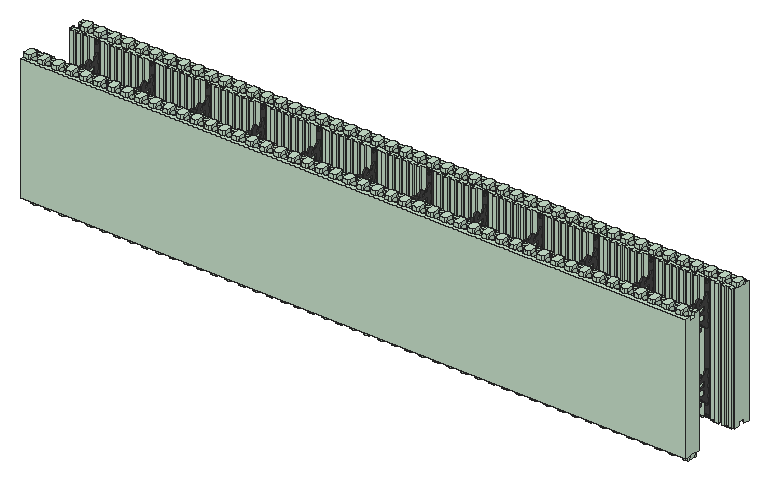
Revit family (continued)
Automatic sketch dimensions
  Extrusion 175 sketch curve to Extrusion 175 sketch curve = 0' - 0.17308"  (x2)
  Extrusion 175 sketch curve to Extrusion 175 sketch curve = 0' - 0"  (x5)
  Extrusion 175 sketch curve to Extrusion 175 sketch curve = 0' - 0 1/4"  (x5)
  Extrusion 175 sketch curve to Extrusion 175 sketch curve = 0' - 0.17323"
  Extrusion 175 sketch curve to Extrusion 175 sketch curve = 0' - 0.01019"
  Extrusion 175 sketch curve to Extrusion 175 sketch curve = 0' - 0.07677"
  Extrusion 175 sketch curve to Extrusion 175 sketch curve = 0' - 0.07692"
  Extrusion 175 sketch curve to Extrusion 175 sketch curve = 0' - 0.17083"
  Extrusion 175 sketch curve to Extrusion 175 sketch curve = 0' - 0.01665"
  Extrusion 175 sketch curve to Extrusion 175 sketch curve = 0' - 0.14808"
  Extrusion 175 sketch curve to Extrusion 175 sketch curve = 0' - 0.33686"
  Extrusion 175 sketch curve to Extrusion 175 sketch curve = 0' - 0.2216"
  Extrusion 176 sketch curve to plane 7 = 0' - 0.72692"
  Extrusion 176 sketch curve to plane 3 "Center (Left/Right)" = 2' - 11"
  Extrusion 176 sketch curve to Extrusion 176 sketch curve = 0' - 0.17308"  (x2)
  Extrusion 176 sketch curve to Extrusion 176 sketch curve = 0' - 0"  (x5)
  Extrusion 176 sketch curve to Extrusion 176 sketch curve = 0' - 0 1/4"  (x5)
  Extrusion 176 sketch curve to Extrusion 176 sketch curve = 0' - 0.17323"
  Extrusion 176 sketch curve to Extrusion 176 sketch curve = 0' - 0.01019"
  Extrusion 176 sketch curve to Extrusion 176 sketch curve = 0' - 0.07677"
  Extrusion 176 sketch curve to Extrusion 176 sketch curve = 0' - 0.07692"
  Extrusion 176 sketch curve to Extrusion 176 sketch curve = 0' - 0.17083"
  Extrusion 176 sketch curve to Extrusion 176 sketch curve = 0' - 0.01665"
  Extrusion 176 sketch curve to Extrusion 176 sketch curve = 0' - 0.14808"
  Extrusion 176 sketch curve to Extrusion 176 sketch curve = 0' - 0.33686"
  Extrusion 176 sketch curve to Extrusion 176 sketch curve = 0' - 0.2216"
  Extrusion 177 sketch curve to plane 7 = 0' - 0.72692"
  Extrusion 177 sketch curve to plane 3 "Center (Left/Right)" = 2' - 9"
  Extrusion 177 sketch curve to Extrusion 177 sketch curve = 0' - 0.17308"  (x2)
  Extrusion 177 sketch curve to Extrusion 177 sketch curve = 0' - 0"  (x5)
  Extrusion 177 sketch curve to Extrusion 177 sketch curve = 0' - 0.07692"  (x2)
  Extrusion 177 sketch curve to Extrusion 177 sketch curve = 0' - 0 1/4"  (x4)
  Extrusion 177 sketch curve to Extrusion 177 sketch curve = 0' - 0.17323"
  Extrusion 177 sketch curve to Extrusion 177 sketch curve = 0' - 0.01019"
  Extrusion 177 sketch curve to Extrusion 177 sketch curve = 0' - 0.07677"
  Extrusion 177 sketch curve to Extrusion 177 sketch curve = 0' - 0.17083"
  Extrusion 177 sketch curve to Extrusion 177 sketch curve = 0' - 0.01665"
  Extrusion 177 sketch curve to Extrusion 177 sketch curve = 0' - 0.14808"
  Extrusion 177 sketch curve to Extrusion 177 sketch curve = 0' - 0.33686"
  Extrusion 177 sketch curve to Extrusion 177 sketch curve = 0' - 0.2216"
  Extrusion 178 sketch curve to plane 7 = 0' - 0.72692"
  Extrusion 178 sketch curve to plane 3 "Center (Left/Right)" = 2' - 7"
  Extrusion 178 sketch curve to Extrusion 178 sketch curve = 0' - 0.17308"  (x2)
  Extrusion 178 sketch curve to Extrusion 178 sketch curve = 0' - 0"  (x5)
  Extrusion 178 sketch curve to Extrusion 178 sketch curve = 0' - 0 1/4"  (x4)
  Extrusion 178 sketch curve to Extrusion 178 sketch curve = 0' - 0.07692"  (x2)
  Extrusion 178 sketch curve to Extrusion 178 sketch curve = 0' - 0.17323"
  Extrusion 178 sketch curve to Extrusion 178 sketch curve = 0' - 0.01019"
  Extrusion 178 sketch curve to Extrusion 178 sketch curve = 0' - 0.07677"
  Extrusion 178 sketch curve to Extrusion 178 sketch curve = 0' - 0.17083"
  Extrusion 178 sketch curve to Extrusion 178 sketch curve = 0' - 0.01665"
  Extrusion 178 sketch curve to Extrusion 178 sketch curve = 0' - 0.14808"
  Extrusion 178 sketch curve to Extrusion 178 sketch curve = 0' - 0.33686"
  Extrusion 178 sketch curve to Extrusion 178 sketch curve = 0' - 0.2216"
  Extrusion 179 sketch curve to plane 7 = 0' - 0.72692"
  Extrusion 179 sketch curve to plane 3 "Center (Left/Right)" = 2' - 5"
  Extrusion 179 sketch curve to Extrusion 179 sketch curve = 0' - 0.17308"  (x2)
  Extrusion 179 sketch curve to Extrusion 179 sketch curve = 0' - 0"  (x5)
  Extrusion 179 sketch curve to Extrusion 179 sketch curve = 0' - 0 1/4"  (x4)
  Extrusion 179 sketch curve to Extrusion 179 sketch curve = 0' - 0.07692"  (x2)
  Extrusion 179 sketch curve to Extrusion 179 sketch curve = 0' - 0.17323"
  Extrusion 179 sketch curve to Extrusion 179 sketch curve = 0' - 0.01019"
  Extrusion 179 sketch curve to Extrusion 179 sketch curve = 0' - 0.07677"
  Extrusion 179 sketch curve to Extrusion 179 sketch curve = 0' - 0.17083"
  Extrusion 179 sketch curve to Extrusion 179 sketch curve = 0' - 0.01665"
  Extrusion 179 sketch curve to Extrusion 179 sketch curve = 0' - 0.14808"
  Extrusion 179 sketch curve to Extrusion 179 sketch curve = 0' - 0.33686"
  Extrusion 179 sketch curve to Extrusion 179 sketch curve = 0' - 0.2216"
  Extrusion 180 sketch curve to plane 7 = 0' - 0.72692"
  Extrusion 180 sketch curve to plane 3 "Center (Left/Right)" = 2' - 3"
  Extrusion 180 sketch curve to Extrusion 180 sketch curve = 0' - 0.17308"  (x2)
  Extrusion 180 sketch curve to Extrusion 180 sketch curve = 0' - 0"  (x5)
  Extrusion 180 sketch curve to Extrusion 180 sketch curve = 0' - 0 1/4"  (x5)
  Extrusion 180 sketch curve to Extrusion 180 sketch curve = 0' - 0.17323"
  Extrusion 180 sketch curve to Extrusion 180 sketch curve = 0' - 0.01019"
  Extrusion 180 sketch curve to Extrusion 180 sketch curve = 0' - 0.07677"
  Extrusion 180 sketch curve to Extrusion 180 sketch curve = 0' - 0.07692"
  Extrusion 180 sketch curve to Extrusion 180 sketch curve = 0' - 0.17083"
  Extrusion 180 sketch curve to Extrusion 180 sketch curve = 0' - 0.01665"
  Extrusion 180 sketch curve to Extrusion 180 sketch curve = 0' - 0.14808"
  Extrusion 180 sketch curve to Extrusion 180 sketch curve = 0' - 0.33686"
  Extrusion 180 sketch curve to Extrusion 180 sketch curve = 0' - 0.2216"
  Extrusion 181 sketch curve to plane 7 = 0' - 0.72692"
  Extrusion 181 sketch curve to plane 3 "Center (Left/Right)" = 2' - 1"
  Extrusion 181 sketch curve to Extrusion 181 sketch curve = 0' - 0.17308"  (x2)
  Extrusion 181 sketch curve to Extrusion 181 sketch curve = 0' - 0"  (x5)
  Extrusion 181 sketch curve to Extrusion 181 sketch curve = 0' - 0 1/4"  (x4)
  Extrusion 181 sketch curve to Extrusion 181 sketch curve = 0' - 0.07692"  (x2)
  Extrusion 181 sketch curve to Extrusion 181 sketch curve = 0' - 0.17323"
  Extrusion 181 sketch curve to Extrusion 181 sketch curve = 0' - 0.01019"
  Extrusion 181 sketch curve to Extrusion 181 sketch curve = 0' - 0.07677"
  Extrusion 181 sketch curve to Extrusion 181 sketch curve = 0' - 0.17083"
  Extrusion 181 sketch curve to Extrusion 181 sketch curve = 0' - 0.01665"
  Extrusion 181 sketch curve to Extrusion 181 sketch curve = 0' - 0.14808"
  Extrusion 181 sketch curve to Extrusion 181 sketch curve = 0' - 0.33686"
  Extrusion 181 sketch curve to Extrusion 181 sketch curve = 0' - 0.2216"
  Extrusion 182 sketch curve to plane 7 = 0' - 0.72692"
  Extrusion 182 sketch curve to plane 3 "Center (Left/Right)" = 1' - 11"
  Extrusion 182 sketch curve to Extrusion 182 sketch curve = 0' - 0.17308"  (x2)
  Extrusion 182 sketch curve to Extrusion 182 sketch curve = 0' - 0"  (x5)
  Extrusion 182 sketch curve to Extrusion 182 sketch curve = 0' - 0 1/4"  (x5)
  Extrusion 182 sketch curve to Extrusion 182 sketch curve = 0' - 0.17323"
  Extrusion 182 sketch curve to Extrusion 182 sketch curve = 0' - 0.01019"
  Extrusion 182 sketch curve to Extrusion 182 sketch curve = 0' - 0.07677"
  Extrusion 182 sketch curve to Extrusion 182 sketch curve = 0' - 0.07692"
  Extrusion 182 sketch curve to Extrusion 182 sketch curve = 0' - 0.17083"
  Extrusion 182 sketch curve to Extrusion 182 sketch curve = 0' - 0.01665"
  Extrusion 182 sketch curve to Extrusion 182 sketch curve = 0' - 0.14808"
  Extrusion 182 sketch curve to Extrusion 182 sketch curve = 0' - 0.33686"
  Extrusion 182 sketch curve to Extrusion 182 sketch curve = 0' - 0.2216"
  Extrusion 183 sketch curve to plane 7 = 0' - 0.72692"
  Extrusion 183 sketch curve to plane 3 "Center (Left/Right)" = 1' - 9"
  Extrusion 183 sketch curve to Extrusion 183 sketch curve = 0' - 0.17308"  (x2)
  Extrusion 183 sketch curve to Extrusion 183 sketch curve = 0' - 0"  (x5)
  Extrusion 183 sketch curve to Extrusion 183 sketch curve = 0' - 0 1/4"  (x5)
  Extrusion 183 sketch curve to Extrusion 183 sketch curve = 0' - 0.17323"
  Extrusion 183 sketch curve to Extrusion 183 sketch curve = 0' - 0.01019"
  Extrusion 183 sketch curve to Extrusion 183 sketch curve = 0' - 0.07677"
  Extrusion 183 sketch curve to Extrusion 183 sketch curve = 0' - 0.07692"
  Extrusion 183 sketch curve to Extrusion 183 sketch curve = 0' - 0.17083"
  Extrusion 183 sketch curve to Extrusion 183 sketch curve = 0' - 0.01665"
  Extrusion 183 sketch curve to Extrusion 183 sketch curve = 0' - 0.14808"
  Extrusion 183 sketch curve to Extrusion 183 sketch curve = 0' - 0.33686"
  Extrusion 183 sketch curve to Extrusion 183 sketch curve = 0' - 0.2216"
  Extrusion 184 sketch curve to plane 7 = 0' - 0.72692"
  Extrusion 184 sketch curve to plane 3 "Center (Left/Right)" = 1' - 7"
  Extrusion 184 sketch curve to Extrusion 184 sketch curve = 0' - 0.17308"  (x2)
  Extrusion 184 sketch curve to Extrusion 184 sketch curve = 0' - 0"  (x5)
  Extrusion 184 sketch curve to Extrusion 184 sketch curve = 0' - 0 1/4"  (x4)
  Extrusion 184 sketch curve to Extrusion 184 sketch curve = 0' - 0.07692"  (x2)
  Extrusion 184 sketch curve to Extrusion 184 sketch curve = 0' - 0.17323"
  Extrusion 184 sketch curve to Extrusion 184 sketch curve = 0' - 0.01019"
  Extrusion 184 sketch curve to Extrusion 184 sketch curve = 0' - 0.07677"
  Extrusion 184 sketch curve to Extrusion 184 sketch curve = 0' - 0.17083"
  Extrusion 184 sketch curve to Extrusion 184 sketch curve = 0' - 0.01665"
  Extrusion 184 sketch curve to Extrusion 184 sketch curve = 0' - 0.14808"
  Extrusion 184 sketch curve to Extrusion 184 sketch curve = 0' - 0.33686"
  Extrusion 184 sketch curve to Extrusion 184 sketch curve = 0' - 0.2216"
  Extrusion 185 sketch curve to plane 7 = 0' - 0.72692"
  Extrusion 185 sketch curve to plane 3 "Center (Left/Right)" = 1' - 5"
  Extrusion 185 sketch curve to Extrusion 185 sketch curve = 0' - 0.17308"  (x2)
  Extrusion 185 sketch curve to Extrusion 185 sketch curve = 0' - 0"  (x5)
  Extrusion 185 sketch curve to Extrusion 185 sketch curve = 0' - 0 1/4"  (x4)
  Extrusion 185 sketch curve to Extrusion 185 sketch curve = 0' - 0.07692"  (x2)
  Extrusion 185 sketch curve to Extrusion 185 sketch curve = 0' - 0.17323"
  Extrusion 185 sketch curve to Extrusion 185 sketch curve = 0' - 0.01019"
  Extrusion 185 sketch curve to Extrusion 185 sketch curve = 0' - 0.07677"
  Extrusion 185 sketch curve to Extrusion 185 sketch curve = 0' - 0.17083"
  Extrusion 185 sketch curve to Extrusion 185 sketch curve = 0' - 0.01665"
  Extrusion 185 sketch curve to Extrusion 185 sketch curve = 0' - 0.14808"
  Extrusion 185 sketch curve to Extrusion 185 sketch curve = 0' - 0.33686"
  Extrusion 185 sketch curve to Extrusion 185 sketch curve = 0' - 0.2216"
  Extrusion 186 sketch curve to plane 7 = 0' - 0.72692"
  Extrusion 186 sketch curve to plane 3 "Center (Left/Right)" = 1' - 3"
  Extrusion 186 sketch curve to Extrusion 186 sketch curve = 0' - 0.17308"  (x2)
  Extrusion 186 sketch curve to Extrusion 186 sketch curve = 0' - 0"  (x5)
  Extrusion 186 sketch curve to Extrusion 186 sketch curve = 0' - 0 1/4"  (x5)
  Extrusion 186 sketch curve to Extrusion 186 sketch curve = 0' - 0.17323"
  Extrusion 186 sketch curve to Extrusion 186 sketch curve = 0' - 0.01019"
  Extrusion 186 sketch curve to Extrusion 186 sketch curve = 0' - 0.07677"
  Extrusion 186 sketch curve to Extrusion 186 sketch curve = 0' - 0.07692"
  Extrusion 186 sketch curve to Extrusion 186 sketch curve = 0' - 0.17083"
  Extrusion 186 sketch curve to Extrusion 186 sketch curve = 0' - 0.01665"
  Extrusion 186 sketch curve to Extrusion 186 sketch curve = 0' - 0.14808"
  Extrusion 186 sketch curve to Extrusion 186 sketch curve = 0' - 0.33686"
  Extrusion 186 sketch curve to Extrusion 186 sketch curve = 0' - 0.2216"
  Extrusion 187 sketch curve to plane 7 = 0' - 0.72692"
  Extrusion 187 sketch curve to plane 3 "Center (Left/Right)" = 1' - 1"
  Extrusion 187 sketch curve to Extrusion 187 sketch curve = 0' - 0.17308"  (x2)
  Extrusion 187 sketch curve to Extrusion 187 sketch curve = 0' - 0"  (x5)
  Extrusion 187 sketch curve to Extrusion 187 sketch curve = 0' - 0 1/4"  (x5)
  Extrusion 187 sketch curve to Extrusion 187 sketch curve = 0' - 0.17323"
  Extrusion 187 sketch curve to Extrusion 187 sketch curve = 0' - 0.01019"
  Extrusion 187 sketch curve to Extrusion 187 sketch curve = 0' - 0.07677"
  Extrusion 187 sketch curve to Extrusion 187 sketch curve = 0' - 0.07692"
  Extrusion 187 sketch curve to Extrusion 187 sketch curve = 0' - 0.17083"
  Extrusion 187 sketch curve to Extrusion 187 sketch curve = 0' - 0.01665"
  Extrusion 187 sketch curve to Extrusion 187 sketch curve = 0' - 0.14808"
  Extrusion 187 sketch curve to Extrusion 187 sketch curve = 0' - 0.33686"
  Extrusion 187 sketch curve to Extrusion 187 sketch curve = 0' - 0.2216"
  Extrusion 188 sketch curve to plane 7 = 0' - 0.72692"
  Extrusion 188 sketch curve to plane 3 "Center (Left/Right)" = 0' - 11"
  Extrusion 188 sketch curve to Extrusion 188 sketch curve = 0' - 0.17308"  (x2)
  Extrusion 188 sketch curve to Extrusion 188 sketch curve = 0' - 0"  (x5)
  Extrusion 188 sketch curve to Extrusion 188 sketch curve = 0' - 0 1/4"  (x5)
  Extrusion 188 sketch curve to Extrusion 188 sketch curve = 0' - 0.17323"
  Extrusion 188 sketch curve to Extrusion 188 sketch curve = 0' - 0.01019"
  Extrusion 188 sketch curve to Extrusion 188 sketch curve = 0' - 0.07677"
  Extrusion 188 sketch curve to Extrusion 188 sketch curve = 0' - 0.07692"
  Extrusion 188 sketch curve to Extrusion 188 sketch curve = 0' - 0.17083"
  Extrusion 188 sketch curve to Extrusion 188 sketch curve = 0' - 0.01665"
  Extrusion 188 sketch curve to Extrusion 188 sketch curve = 0' - 0.14808"
  Extrusion 188 sketch curve to Extrusion 188 sketch curve = 0' - 0.33686"
  Extrusion 188 sketch curve to Extrusion 188 sketch curve = 0' - 0.2216"
  Extrusion 189 sketch curve to plane 7 = 0' - 0.72692"
  Extrusion 189 sketch curve to plane 3 "Center (Left/Right)" = 0' - 9"
  Extrusion 189 sketch curve to Extrusion 189 sketch curve = 0' - 0.17308"  (x2)
  Extrusion 189 sketch curve to Extrusion 189 sketch curve = 0' - 0"  (x5)
  Extrusion 189 sketch curve to Extrusion 189 sketch curve = 0' - 0 1/4"  (x5)
  Extrusion 189 sketch curve to Extrusion 189 sketch curve = 0' - 0.17323"
  Extrusion 189 sketch curve to Extrusion 189 sketch curve = 0' - 0.01019"
  Extrusion 189 sketch curve to Extrusion 189 sketch curve = 0' - 0.07677"
  Extrusion 189 sketch curve to Extrusion 189 sketch curve = 0' - 0.07692"
  Extrusion 189 sketch curve to Extrusion 189 sketch curve = 0' - 0.17083"
  Extrusion 189 sketch curve to Extrusion 189 sketch curve = 0' - 0.01665"
  Extrusion 189 sketch curve to Extrusion 189 sketch curve = 0' - 0.14808"
  Extrusion 189 sketch curve to Extrusion 189 sketch curve = 0' - 0.33686"
  Extrusion 189 sketch curve to Extrusion 189 sketch curve = 0' - 0.2216"
  Extrusion 190 sketch curve to plane 7 = 0' - 0.72692"
  Extrusion 190 sketch curve to plane 3 "Center (Left/Right)" = 0' - 7"
  Extrusion 190 sketch curve to Extrusion 190 sketch curve = 0' - 0.17308"  (x2)
  Extrusion 190 sketch curve to Extrusion 190 sketch curve = 0' - 0"  (x5)
  Extrusion 190 sketch curve to Extrusion 190 sketch curve = 0' - 0 1/4"  (x5)
  Extrusion 190 sketch curve to Extrusion 190 sketch curve = 0' - 0.17323"
  Extrusion 190 sketch curve to Extrusion 190 sketch curve = 0' - 0.01019"
  Extrusion 190 sketch curve to Extrusion 190 sketch curve = 0' - 0.07677"
  Extrusion 190 sketch curve to Extrusion 190 sketch curve = 0' - 0.07692"
  Extrusion 190 sketch curve to Extrusion 190 sketch curve = 0' - 0.17083"
  Extrusion 190 sketch curve to Extrusion 190 sketch curve = 0' - 0.01665"
  Extrusion 190 sketch curve to Extrusion 190 sketch curve = 0' - 0.14808"
  Extrusion 190 sketch curve to Extrusion 190 sketch curve = 0' - 0.33686"
  Extrusion 190 sketch curve to Extrusion 190 sketch curve = 0' - 0.2216"
  Extrusion 191 sketch curve to plane 7 = 0' - 0.72692"
  Extrusion 191 sketch curve to plane 3 "Center (Left/Right)" = 0' - 5"
  Extrusion 191 sketch curve to Extrusion 191 sketch curve = 0' - 0.17308"  (x2)
  Extrusion 191 sketch curve to Extrusion 191 sketch curve = 0' - 0"  (x5)
  Extrusion 191 sketch curve to Extrusion 191 sketch curve = 0' - 0 1/4"  (x5)
  Extrusion 191 sketch curve to Extrusion 191 sketch curve = 0' - 0.17323"
  Extrusion 191 sketch curve to Extrusion 191 sketch curve = 0' - 0.01019"
  Extrusion 191 sketch curve to Extrusion 191 sketch curve = 0' - 0.07677"
  Extrusion 191 sketch curve to Extrusion 191 sketch curve = 0' - 0.07692"
  Extrusion 191 sketch curve to Extrusion 191 sketch curve = 0' - 0.17083"
  Extrusion 191 sketch curve to Extrusion 191 sketch curve = 0' - 0.01665"
  Extrusion 191 sketch curve to Extrusion 191 sketch curve = 0' - 0.14808"
  Extrusion 191 sketch curve to Extrusion 191 sketch curve = 0' - 0.33686"
  Extrusion 191 sketch curve to Extrusion 191 sketch curve = 0' - 0.2216"
  Extrusion 192 sketch curve to plane 7 = 0' - 0.72692"
  Extrusion 192 sketch curve to plane 3 "Center (Left/Right)" = 0' - 3"
  Extrusion 192 sketch curve to Extrusion 192 sketch curve = 0' - 0.17308"  (x2)
  Extrusion 192 sketch curve to Extrusion 192 sketch curve = 0' - 0"  (x5)
  Extrusion 192 sketch curve to Extrusion 192 sketch curve = 0' - 0.07692"  (x2)
  Extrusion 192 sketch curve to Extrusion 192 sketch curve = 0' - 0 1/4"  (x4)
  Extrusion 192 sketch curve to Extrusion 192 sketch curve = 0' - 0.17323"
  Extrusion 192 sketch curve to Extrusion 192 sketch curve = 0' - 0.01019"
  Extrusion 192 sketch curve to Extrusion 192 sketch curve = 0' - 0.07677"
  Extrusion 192 sketch curve to Extrusion 192 sketch curve = 0' - 0.17083"
  Extrusion 192 sketch curve to Extrusion 192 sketch curve = 0' - 0.01665"
  Extrusion 192 sketch curve to Extrusion 192 sketch curve = 0' - 0.14808"
  Extrusion 192 sketch curve to Extrusion 192 sketch curve = 0' - 0.33686"
  Extrusion 192 sketch curve to Extrusion 192 sketch curve = 0' - 0.2216"
  Extrusion 193 sketch curve to plane 3 "Center (Left/Right)" = 0' - 1"
  Extrusion 193 sketch curve to Extrusion 193 sketch curve = 0' - 0.17308"  (x2)
  Extrusion 193 sketch curve to Extrusion 193 sketch curve = 0' - 0"  (x5)
  Extrusion 193 sketch curve to Extrusion 193 sketch curve = 0' - 0 1/4"  (x4)
  Extrusion 193 sketch curve to Extrusion 193 sketch curve = 0' - 0.07692"  (x2)
  Extrusion 193 sketch curve to Extrusion 193 sketch curve = 0' - 0.17323"
  Extrusion 193 sketch curve to Extrusion 193 sketch curve = 0' - 0.01019"
  Extrusion 193 sketch curve to Extrusion 193 sketch curve = 0' - 0.07677"
  Extrusion 193 sketch curve to Extrusion 193 sketch curve = 0' - 0.17083"
  Extrusion 193 sketch curve to Extrusion 193 sketch curve = 0' - 0.01665"
  Extrusion 193 sketch curve to plane 7 = 0' - 0.48905"
  Extrusion 193 sketch curve to Extrusion 193 sketch curve = 0' - 0.14808"
  Extrusion 193 sketch curve to Extrusion 193 sketch curve = 0' - 0.33686"
  Extrusion 193 sketch curve to Extrusion 193 sketch curve = 0' - 0.2216"
  curve 1 to level = 0' - 0"
  curve 1 to plane 9 = 0' - 0"
  plane 3 "Center (Left/Right)" to curve 1 = 0' - 8"
  curve 5 to plane 9 = 0' - 0"
  curve 5 to level = 0' - 0"
  curve 4 to plane 9 = 0' - 0"
  curve 4 to level = 0' - 0"
  curve 3 to level = 0' - 0"
  curve 3 to plane 9 = 0' - 0"
  curve 2 to level = 0' - 0"
  curve 2 to plane 9 = 0' - 0"
  plane 3 "Center (Left/Right)" to curve 5 = 1' - 4"
  curve 5 to curve 4 = 2' - 0"
  curve 4 to curve 3 = 2' - 0"
  curve 2 to plane 4 = 0' - 8"
Nested families (in)
  nested 1: "NUDURA Diamond Pattern" at (0, 0, 0), type "NUDURA Diamond Pattern"
  nested 2: "NUDURA Diamond Pattern" at (16, 0, 0), type "NUDURA Diamond Pattern"
  nested 3: "NUDURA Diamond Pattern" at (24, 0, 0), type "NUDURA Diamond Pattern"
  nested 4: "NUDURA Diamond Pattern" at (40, 0, 0), type "NUDURA Diamond Pattern"
  nested 5: "NUDURA Diamond Pattern" at (48, 0, 0), type "NUDURA Diamond Pattern"
  nested 6: "NUDURA Diamond Pattern" at (64, 0, 0), type "NUDURA Diamond Pattern"
  nested 7: "NUDURA Diamond Pattern" at (72, 0, 0), type "NUDURA Diamond Pattern"
  nested 8: "NUDURA Diamond Pattern" at (88, 0, 0), type "NUDURA Diamond Pattern"
  nested 9: "NUDURA Diamond Pattern" at (0, 0, 0), type "NUDURA Diamond Pattern"
  nested 10: "NUDURA Diamond Pattern" at (16, 0, 0), type "NUDURA Diamond Pattern"
  nested 11: "NUDURA Diamond Pattern" at (24, 0, 0), type "NUDURA Diamond Pattern"
  nested 12: "NUDURA Diamond Pattern" at (40, 0, 0), type "NUDURA Diamond Pattern"
  nested 13: "NUDURA Diamond Pattern" at (48, 0, 0), type "NUDURA Diamond Pattern"
  nested 14: "NUDURA Diamond Pattern" at (64, 0, 0), type "NUDURA Diamond Pattern"
  nested 15: "NUDURA Diamond Pattern" at (72, 0, 0), type "NUDURA Diamond Pattern"
  nested 16: "NUDURA Diamond Pattern" at (88, 0, 0), type "NUDURA Diamond Pattern"
  nested 17: "Interlock Tooth" at (0, 0, 0), type "Interlock Tooth"
  nested 18: "Interlock Tooth" at (2, 0, 0), type "Interlock Tooth"
  nested 19: "Interlock Tooth" at (4, 0, 0), type "Interlock Tooth"
  nested 20: "Interlock Tooth" at (6, 0, 0), type "Interlock Tooth"
  nested 21: "Interlock Tooth" at (8, 0, 0), type "Interlock Tooth"
  nested 22: "Interlock Tooth" at (10, 0, 0), type "Interlock Tooth"
  nested 23: "Interlock Tooth" at (12, 0, 0), type "Interlock Tooth"
  nested 24: "Interlock Tooth" at (14, 0, 0), type "Interlock Tooth"
  nested 25: "Interlock Tooth" at (16, 0, 0), type "Interlock Tooth"
  nested 26: "Interlock Tooth" at (18, 0, 0), type "Interlock Tooth"
  nested 27: "Interlock Tooth" at (20, 0, 0), type "Interlock Tooth"
  nested 28: "Interlock Tooth" at (22, 0, 0), type "Interlock Tooth"
  nested 29: "Interlock Tooth" at (24, 0, 0), type "Interlock Tooth"
  nested 30: "Interlock Tooth" at (26, 0, 0), type "Interlock Tooth"
  nested 31: "Interlock Tooth" at (28, 0, 0), type "Interlock Tooth"
  nested 32: "Interlock Tooth" at (30, 0, 0), type "Interlock Tooth"
  nested 33: "Interlock Tooth" at (32, 0, 0), type "Interlock Tooth"
  nested 34: "Interlock Tooth" at (34, 0, 0), type "Interlock Tooth"
  nested 35: "Interlock Tooth" at (36, 0, 0), type "Interlock Tooth"
  nested 36: "Interlock Tooth" at (38, 0, 0), type "Interlock Tooth"
  nested 37: "Interlock Tooth" at (40, 0, 0), type "Interlock Tooth"
  nested 38: "Interlock Tooth" at (42, 0, 0), type "Interlock Tooth"
  nested 39: "Interlock Tooth" at (44, 0, 0), type "Interlock Tooth"
  nested 40: "Interlock Tooth" at (46, 0, 0), type "Interlock Tooth"
  nested 41: "Interlock Tooth" at (48, 0, 0), type "Interlock Tooth"
  nested 42: "Interlock Tooth" at (50, 0, 0), type "Interlock Tooth"
  nested 43: "Interlock Tooth" at (52, 0, 0), type "Interlock Tooth"
  nested 44: "Interlock Tooth" at (54, 0, 0), type "Interlock Tooth"
  nested 45: "Interlock Tooth" at (56, 0, 0), type "Interlock Tooth"
  nested 46: "Interlock Tooth" at (58, 0, 0), type "Interlock Tooth"
  nested 47: "Interlock Tooth" at (60, 0, 0), type "Interlock Tooth"
  nested 48: "Interlock Tooth" at (62, 0, 0), type "Interlock Tooth"
  nested 49: "Interlock Tooth" at (64, 0, 0), type "Interlock Tooth"
  nested 50: "Interlock Tooth" at (66, 0, 0), type "Interlock Tooth"
  nested 51: "Interlock Tooth" at (68, 0, 0), type "Interlock Tooth"
  nested 52: "Interlock Tooth" at (70, 0, 0), type "Interlock Tooth"
  nested 53: "Interlock Tooth" at (72, 0, 0), type "Interlock Tooth"
  nested 54: "Interlock Tooth" at (74, 0, 0), type "Interlock Tooth"
  nested 55: "Interlock Tooth" at (76, 0, 0), type "Interlock Tooth"
  nested 56: "Interlock Tooth" at (78, 0, 0), type "Interlock Tooth"
  nested 57: "Interlock Tooth" at (80, 0, 0), type "Interlock Tooth"
  nested 58: "Interlock Tooth" at (82, 0, 0), type "Interlock Tooth"
  nested 59: "Interlock Tooth" at (84, 0, 0), type "Interlock Tooth"
  nested 60: "Interlock Tooth" at (86, 0, 0), type "Interlock Tooth"
  nested 61: "Interlock Tooth" at (88, 0, 0), type "Interlock Tooth"
  nested 62: "Interlock Tooth" at (90, 0, 0), type "Interlock Tooth"
  nested 63: "Interlock Tooth" at (92, 0, 0), type "Interlock Tooth"
  nested 64: "Interlock Tooth" at (94, 0, 0), type "Interlock Tooth"
  nested 65: "Interlock Tooth" at (1, 8.875, 0), type "Interlock Tooth"
  nested 66: "Interlock Tooth" at (3, 8.875, 0), type "Interlock Tooth"
  nested 67: "Interlock Tooth" at (5, 8.875, 0), type "Interlock Tooth"
  nested 68: "Interlock Tooth" at (7, 8.875, 0), type "Interlock Tooth"
  nested 69: "Interlock Tooth" at (9, 8.875, 0), type "Interlock Tooth"
  nested 70: "Interlock Tooth" at (11, 8.875, 0), type "Interlock Tooth"
  nested 71: "Interlock Tooth" at (13, 8.875, 0), type "Interlock Tooth"
  nested 72: "Interlock Tooth" at (15, 8.875, 0), type "Interlock Tooth"
  nested 73: "Interlock Tooth" at (17, 8.875, 0), type "Interlock Tooth"
  nested 74: "Interlock Tooth" at (19, 8.875, 0), type "Interlock Tooth"
  nested 75: "Interlock Tooth" at (21, 8.875, 0), type "Interlock Tooth"
  nested 76: "Interlock Tooth" at (23, 8.875, 0), type "Interlock Tooth"
  nested 77: "Interlock Tooth" at (25, 8.875, 0), type "Interlock Tooth"
  nested 78: "Interlock Tooth" at (27, 8.875, 0), type "Interlock Tooth"
  nested 79: "Interlock Tooth" at (29, 8.875, 0), type "Interlock Tooth"
  nested 80: "Interlock Tooth" at (31, 8.875, 0), type "Interlock Tooth"
  nested 81: "Interlock Tooth" at (33, 8.875, 0), type "Interlock Tooth"
  nested 82: "Interlock Tooth" at (35, 8.875, 0), type "Interlock Tooth"
  nested 83: "Interlock Tooth" at (37, 8.875, 0), type "Interlock Tooth"
  nested 84: "Interlock Tooth" at (39, 8.875, 0), type "Interlock Tooth"
  nested 85: "Interlock Tooth" at (41, 8.875, 0), type "Interlock Tooth"
  nested 86: "Interlock Tooth" at (43, 8.875, 0), type "Interlock Tooth"
  nested 87: "Interlock Tooth" at (45, 8.875, 0), type "Interlock Tooth"
  nested 88: "Interlock Tooth" at (47, 8.875, 0), type "Interlock Tooth"
  nested 89: "Interlock Tooth" at (49, 8.875, 0), type "Interlock Tooth"
  nested 90: "Interlock Tooth" at (51, 8.875, 0), type "Interlock Tooth"
  nested 91: "Interlock Tooth" at (53, 8.875, 0), type "Interlock Tooth"
  nested 92: "Interlock Tooth" at (55, 8.875, 0), type "Interlock Tooth"
  nested 93: "Interlock Tooth" at (57, 8.875, 0), type "Interlock Tooth"
  nested 94: "Interlock Tooth" at (59, 8.875, 0), type "Interlock Tooth"
  nested 95: "Interlock Tooth" at (61, 8.875, 0), type "Interlock Tooth"
  nested 96: "Interlock Tooth" at (63, 8.875, 0), type "Interlock Tooth"
  nested 97: "Interlock Tooth" at (65, 8.875, 0), type "Interlock Tooth"
  nested 98: "Interlock Tooth" at (67, 8.875, 0), type "Interlock Tooth"
  nested 99: "Interlock Tooth" at (69, 8.875, 0), type "Interlock Tooth"
  nested 100: "Interlock Tooth" at (71, 8.875, 0), type "Interlock Tooth"
  nested 101: "Interlock Tooth" at (73, 8.875, 0), type "Interlock Tooth"
  nested 102: "Interlock Tooth" at (75, 8.875, 0), type "Interlock Tooth"
  nested 103: "Interlock Tooth" at (77, 8.875, 0), type "Interlock Tooth"
  nested 104: "Interlock Tooth" at (79, 8.875, 0), type "Interlock Tooth"
  nested 105: "Interlock Tooth" at (81, 8.875, 0), type "Interlock Tooth"
  nested 106: "Interlock Tooth" at (83, 8.875, 0), type "Interlock Tooth"
  nested 107: "Interlock Tooth" at (85, 8.875, 0), type "Interlock Tooth"
  nested 108: "Interlock Tooth" at (87, 8.875, 0), type "Interlock Tooth"
  nested 109: "Interlock Tooth" at (89, 8.875, 0), type "Interlock Tooth"
  nested 110: "Interlock Tooth" at (91, 8.875, 0), type "Interlock Tooth"
  nested 111: "Interlock Tooth" at (93, 8.875, 0), type "Interlock Tooth"
  nested 112: "Interlock Tooth" at (95, 8.875, 0), type "Interlock Tooth"
  nested 113: "Interlock Tooth" at (1, -8.875, -18.5), type "Interlock Tooth"
  nested 114: "Interlock Tooth" at (3, -8.875, -18.5), type "Interlock Tooth"
  nested 115: "Interlock Tooth" at (5, -8.875, -18.5), type "Interlock Tooth"
  nested 116: "Interlock Tooth" at (7, -8.875, -18.5), type "Interlock Tooth"
  nested 117: "Interlock Tooth" at (9, -8.875, -18.5), type "Interlock Tooth"
  nested 118: "Interlock Tooth" at (11, -8.875, -18.5), type "Interlock Tooth"
  nested 119: "Interlock Tooth" at (13, -8.875, -18.5), type "Interlock Tooth"
  nested 120: "Interlock Tooth" at (15, -8.875, -18.5), type "Interlock Tooth"
  nested 121: "Interlock Tooth" at (17, -8.875, -18.5), type "Interlock Tooth"
  nested 122: "Interlock Tooth" at (19, -8.875, -18.5), type "Interlock Tooth"
  nested 123: "Interlock Tooth" at (21, -8.875, -18.5), type "Interlock Tooth"
  nested 124: "Interlock Tooth" at (23, -8.875, -18.5), type "Interlock Tooth"
  nested 125: "Interlock Tooth" at (25, -8.875, -18.5), type "Interlock Tooth"
  nested 126: "Interlock Tooth" at (27, -8.875, -18.5), type "Interlock Tooth"
  nested 127: "Interlock Tooth" at (29, -8.875, -18.5), type "Interlock Tooth"
  nested 128: "Interlock Tooth" at (31, -8.875, -18.5), type "Interlock Tooth"
  nested 129: "Interlock Tooth" at (33, -8.875, -18.5), type "Interlock Tooth"
  nested 130: "Interlock Tooth" at (35, -8.875, -18.5), type "Interlock Tooth"
  nested 131: "Interlock Tooth" at (37, -8.875, -18.5), type "Interlock Tooth"
  nested 132: "Interlock Tooth" at (39, -8.875, -18.5), type "Interlock Tooth"
  nested 133: "Interlock Tooth" at (41, -8.875, -18.5), type "Interlock Tooth"
  nested 134: "Interlock Tooth" at (43, -8.875, -18.5), type "Interlock Tooth"
  nested 135: "Interlock Tooth" at (45, -8.875, -18.5), type "Interlock Tooth"
  nested 136: "Interlock Tooth" at (47, -8.875, -18.5), type "Interlock Tooth"
  nested 137: "Interlock Tooth" at (49, -8.875, -18.5), type "Interlock Tooth"
  nested 138: "Interlock Tooth" at (51, -8.875, -18.5), type "Interlock Tooth"
  nested 139: "Interlock Tooth" at (53, -8.875, -18.5), type "Interlock Tooth"
  nested 140: "Interlock Tooth" at (55, -8.875, -18.5), type "Interlock Tooth"
  nested 141: "Interlock Tooth" at (57, -8.875, -18.5), type "Interlock Tooth"
  nested 142: "Interlock Tooth" at (59, -8.875, -18.5), type "Interlock Tooth"
  nested 143: "Interlock Tooth" at (61, -8.875, -18.5), type "Interlock Tooth"
  nested 144: "Interlock Tooth" at (63, -8.875, -18.5), type "Interlock Tooth"
  nested 145: "Interlock Tooth" at (65, -8.875, -18.5), type "Interlock Tooth"
  nested 146: "Interlock Tooth" at (67, -8.875, -18.5), type "Interlock Tooth"
  nested 147: "Interlock Tooth" at (69, -8.875, -18.5), type "Interlock Tooth"
  nested 148: "Interlock Tooth" at (71, -8.875, -18.5), type "Interlock Tooth"
  nested 149: "Interlock Tooth" at (73, -8.875, -18.5), type "Interlock Tooth"
  nested 150: "Interlock Tooth" at (75, -8.875, -18.5), type "Interlock Tooth"
  nested 151: "Interlock Tooth" at (77, -8.875, -18.5), type "Interlock Tooth"
  nested 152: "Interlock Tooth" at (79, -8.875, -18.5), type "Interlock Tooth"
  nested 153: "Interlock Tooth" at (81, -8.875, -18.5), type "Interlock Tooth"
  nested 154: "Interlock Tooth" at (83, -8.875, -18.5), type "Interlock Tooth"
  nested 155: "Interlock Tooth" at (85, -8.875, -18.5), type "Interlock Tooth"
  nested 156: "Interlock Tooth" at (87, -8.875, -18.5), type "Interlock Tooth"
  nested 157: "Interlock Tooth" at (89, -8.875, -18.5), type "Interlock Tooth"
  nested 158: "Interlock Tooth" at (91, -8.875, -18.5), type "Interlock Tooth"
  nested 159: "Interlock Tooth" at (93, -8.875, -18.5), type "Interlock Tooth"
  nested 160: "Interlock Tooth" at (95, -8.875, -18.5), type "Interlock Tooth"
  nested 161: "Interlock Tooth" at (0, 0, -18.5), type "Interlock Tooth"
  nested 162: "Interlock Tooth" at (2, 0, -18.5), type "Interlock Tooth"
  nested 163: "Interlock Tooth" at (4, 0, -18.5), type "Interlock Tooth"
  nested 164: "Interlock Tooth" at (6, 0, -18.5), type "Interlock Tooth"
  nested 165: "Interlock Tooth" at (8, 0, -18.5), type "Interlock Tooth"
  nested 166: "Interlock Tooth" at (10, 0, -18.5), type "Interlock Tooth"
  nested 167: "Interlock Tooth" at (12, 0, -18.5), type "Interlock Tooth"
  nested 168: "Interlock Tooth" at (14, 0, -18.5), type "Interlock Tooth"
  nested 169: "Interlock Tooth" at (16, 0, -18.5), type "Interlock Tooth"
  nested 170: "Interlock Tooth" at (18, 0, -18.5), type "Interlock Tooth"
  nested 171: "Interlock Tooth" at (20, 0, -18.5), type "Interlock Tooth"
  nested 172: "Interlock Tooth" at (22, 0, -18.5), type "Interlock Tooth"
  nested 173: "Interlock Tooth" at (24, 0, -18.5), type "Interlock Tooth"
  nested 174: "Interlock Tooth" at (26, 0, -18.5), type "Interlock Tooth"
  nested 175: "Interlock Tooth" at (28, 0, -18.5), type "Interlock Tooth"
  nested 176: "Interlock Tooth" at (30, 0, -18.5), type "Interlock Tooth"
  nested 177: "Interlock Tooth" at (32, 0, -18.5), type "Interlock Tooth"
  nested 178: "Interlock Tooth" at (34, 0, -18.5), type "Interlock Tooth"
  nested 179: "Interlock Tooth" at (36, 0, -18.5), type "Interlock Tooth"
  nested 180: "Interlock Tooth" at (38, 0, -18.5), type "Interlock Tooth"
  nested 181: "Interlock Tooth" at (40, 0, -18.5), type "Interlock Tooth"
  nested 182: "Interlock Tooth" at (42, 0, -18.5), type "Interlock Tooth"
  nested 183: "Interlock Tooth" at (44, 0, -18.5), type "Interlock Tooth"
  nested 184: "Interlock Tooth" at (46, 0, -18.5), type "Interlock Tooth"
  nested 185: "Interlock Tooth" at (48, 0, -18.5), type "Interlock Tooth"
  nested 186: "Interlock Tooth" at (50, 0, -18.5), type "Interlock Tooth"
  nested 187: "Interlock Tooth" at (52, 0, -18.5), type "Interlock Tooth"
  nested 188: "Interlock Tooth" at (54, 0, -18.5), type "Interlock Tooth"
  nested 189: "Interlock Tooth" at (56, 0, -18.5), type "Interlock Tooth"
  nested 190: "Interlock Tooth" at (58, 0, -18.5), type "Interlock Tooth"
  nested 191: "Interlock Tooth" at (60, 0, -18.5), type "Interlock Tooth"
  nested 192: "Interlock Tooth" at (62, 0, -18.5), type "Interlock Tooth"
  nested 193: "Interlock Tooth" at (64, 0, -18.5), type "Interlock Tooth"
  nested 194: "Interlock Tooth" at (66, 0, -18.5), type "Interlock Tooth"
  nested 195: "Interlock Tooth" at (68, 0, -18.5), type "Interlock Tooth"
  nested 196: "Interlock Tooth" at (70, 0, -18.5), type "Interlock Tooth"
  nested 197: "Interlock Tooth" at (72, 0, -18.5), type "Interlock Tooth"
  nested 198: "Interlock Tooth" at (74, 0, -18.5), type "Interlock Tooth"
  nested 199: "Interlock Tooth" at (76, 0, -18.5), type "Interlock Tooth"
  nested 200: "Interlock Tooth" at (78, 0, -18.5), type "Interlock Tooth"
  nested 201: "Interlock Tooth" at (80, 0, -18.5), type "Interlock Tooth"
  nested 202: "Interlock Tooth" at (82, 0, -18.5), type "Interlock Tooth"
  nested 203: "Interlock Tooth" at (84, 0, -18.5), type "Interlock Tooth"
  nested 204: "Interlock Tooth" at (86, 0, -18.5), type "Interlock Tooth"
  nested 205: "Interlock Tooth" at (88, 0, -18.5), type "Interlock Tooth"
  nested 206: "Interlock Tooth" at (90, 0, -18.5), type "Interlock Tooth"
  nested 207: "Interlock Tooth" at (92, 0, -18.5), type "Interlock Tooth"
  nested 208: "Interlock Tooth" at (94, 0, -18.5), type "Interlock Tooth"
  nested 209: "6-inch Web" at (4, 0.005, 0), type "6-inch Web"
  nested 210: "6-inch Web" at (12, 0.005, 0), type "6-inch Web"
  nested 211: "6-inch Web" at (20, 0.005, 0), type "6-inch Web"
  nested 212: "6-inch Web" at (28, 0.005, 0), type "6-inch Web"
  nested 213: "6-inch Web" at (36, 0.005, 0), type "6-inch Web"
  nested 214: "6-inch Web" at (44, 0.005, 0), type "6-inch Web"
  nested 215: "6-inch Web" at (52, 0.005, 0), type "6-inch Web"
  nested 216: "6-inch Web" at (60, 0.005, 0), type "6-inch Web"
  nested 217: "6-inch Web" at (68, 0.005, 0), type "6-inch Web"
  nested 218: "6-inch Web" at (76, 0.005, 0), type "6-inch Web"
  nested 219: "6-inch Web" at (84, 0.005, 0), type "6-inch Web"
  nested 220: "6-inch Web" at (92, 0.005, 0), type "6-inch Web"
  nested 221: "NUDURA Logo Diamond" at (0, -5.625, 0), type "NUDURA Logo Diamond"
  nested 222: "NUDURA Logo Diamond" at (24, -5.625, 0), type "NUDURA Logo Diamond"
  nested 223: "NUDURA Logo Diamond" at (48, -5.625, 0), type "NUDURA Logo Diamond"
  nested 224: "NUDURA Logo Diamond" at (72, -5.625, 0), type "NUDURA Logo Diamond"
  nested 225: "NUDURA Logo Diamond" at (95.99744, 5.625, 0) x (-1, 0, 0) z (0, 0, 1), type "NUDURA Logo Diamond"
  nested 226: "NUDURA Logo Diamond" at (71.99744, 5.625, 0) x (-1, 0, 0) z (0, 0, 1), type "NUDURA Logo Diamond"
  nested 227: "NUDURA Logo Diamond" at (47.99744, 5.625, 0) x (-1, 0, 0) z (0, 0, 1), type "NUDURA Logo Diamond"
  nested 228: "NUDURA Logo Diamond" at (23.99744, 5.625, 0) x (-1, 0, 0) z (0, 0, 1), type "NUDURA Logo Diamond"
Definition of nested family "Interlock Tooth"
  Reference planes (in)
    plane 1 "Center (Front/Back)": y = 0
    plane 2: z = 0
    plane 3 "Center (Left/Right)": x = 0
    plane 4: z = 18
    plane 5: z = 18.5
    plane 6: z = -0.5
  Forms (in)
    Extrusion 1, solid, material "EPS- NUDURA- Foam Panel"
      sketch origin (0, -8.875, 0) x (1, 0, 0) y (0, 1, 0)
        loop
          arc (0, 3.97692) -> (0.04785, 3.82983) -> (0.17308, 3.73905) r 0.25
          arc (0.17308, 3.73905) -> (0.5, 3.6875) -> (0.82692, 3.73905) r 1.0625
          arc (0.82692, 3.73905) -> (0.95215, 3.82983) -> (1, 3.97692) r 0.25
          line (1, 3.97692) -> (1, 4.89808)
          arc (1, 4.89808) -> (0.95215, 5.04517) -> (0.82692, 5.13595) r 0.25
          arc (0.82692, 5.13595) -> (0.5, 5.1875) -> (0.17308, 5.13595) r 1.0625
          arc (0.17308, 5.13595) -> (0.04785, 5.04517) -> (0, 4.89808) r 0.25
          line (0, 4.89808) -> (0, 3.97692)
      from 18 to 18.5
  Dimensions and locks (in)
    locked: plane 4 to level at 18
    locked: plane 4 to plane 5 at 0.5
    locked: plane 6 to level at 0.5
Definition of nested family "6-inch Web"
  Reference planes (in)
    plane 1 "Center (Front/Back)": y = 0
    plane 2: z = 0
    plane 3 "Center (Left/Right)": x = 0
  Forms (in)
    Extrusion 1, solid, material "Polypropylene- NUDURA"
      sketch origin (0, 0, -0.5) x (0, 1, 0) y (0, 0, 1)
        loop
          line (2.995, 3.6038) -> (2.8844, 3.6038) -> (2.8844, 3.6738) -> (3.1275, 3.6738)
          arc (3.1275, 3.6738) -> (3.17169, 3.65549) -> (3.19, 3.6113) r 0.0625
          line (3.19, 3.6113) -> (3.19, 4.3963)
          arc (3.19, 4.3963) -> (3.17169, 4.3521) -> (3.1275, 4.3338) r 0.0625
          line (3.1275, 4.3338) -> (2.8844, 4.3338) -> (2.8844, 4.4038) -> (2.995, 4.4038) -> (2.995, 4.9038) -> (2.8844, 4.9038) -> (2.8844, 4.9738) -> (3.1275, 4.9738)
          arc (3.1275, 4.9738) -> (3.17169, 4.95549) -> (3.19, 4.9113) r 0.0625
          line (3.19, 4.9113) -> (3.19, 5.6963)
          arc (3.19, 5.6963) -> (3.17169, 5.6521) -> (3.1275, 5.6338) r 0.0625
          line (3.1275, 5.6338) -> (2.8844, 5.6338) -> (2.8844, 5.7038) -> (2.995, 5.7038) -> (2.995, 6.20377) -> (2.8844, 6.20377) -> (2.8844, 6.2738) -> (3.1275, 6.2738)
          arc (3.1275, 6.2738) -> (3.17169, 6.25549) -> (3.19, 6.2113) r 0.0625
          line (3.19, 6.2113) -> (3.19, 6.8109) -> (3.09, 6.8109)
          arc (3.09, 6.8109) -> (2.98601, 6.70794) -> (2.85666, 6.6395) r 0.5
          arc (2.85666, 6.6395) -> (2.73587, 6.54813) -> (2.69, 6.4038) r 0.25
          line (2.69, 6.4038) -> (2.69, 6.3363)
          arc (2.69, 6.3363) -> (2.7083, 6.2921) -> (2.7525, 6.2738) r 0.0625
          line (2.7525, 6.2738) -> (2.80974, 6.2738) -> (2.80974, 6.20377) -> (2.695, 6.20377)
          arc (2.695, 6.20377) -> (2.49379, 6.21279) -> (2.29847, 6.26195) r 1
          arc (2.29847, 6.26195) -> (2.20889, 6.24343) -> (2.18179, 6.15605) r 0.09
          arc (2.18179, 6.15605) -> (1.74446, 5.81508) -> (1.77171, 6.36896) r 0.305
          arc (1.77171, 6.36896) -> (1.89426, 6.65493) -> (1.60829, 6.77748) r 0.22
          arc (1.60829, 6.77748) -> (1.32045, 6.57189) -> (1.15988, 6.25672) r 0.745
          arc (1.15988, 6.25672) -> (1.09328, 5.94527) -> (0.99404, 5.64264) r 3
          arc (0.99404, 5.64264) -> (0.48542, 5.5766) -> (0.63581, 6.06695) r 0.305
          arc (0.63581, 6.06695) -> (0.81067, 6.29127) -> (0.64859, 6.52499) r 0.24
          arc (0.64859, 6.52499) -> (0.32877, 6.60587) -> (0, 6.63308) r 2
          arc (0, 6.63308) -> (-0.32877, 6.60587) -> (-0.64859, 6.52499) r 2
          arc (-0.64859, 6.52499) -> (-0.81067, 6.29127) -> (-0.63581, 6.06695) r 0.24
          arc (-0.63581, 6.06695) -> (-0.48542, 5.5766) -> (-0.99404, 5.64264) r 0.305
          arc (-0.99404, 5.64264) -> (-1.09328, 5.94527) -> (-1.15988, 6.25672) r 3
          arc (-1.15988, 6.25672) -> (-1.32045, 6.57189) -> (-1.60829, 6.77748) r 0.745
          arc (-1.60829, 6.77748) -> (-1.89426, 6.65493) -> (-1.77171, 6.36896) r 0.22
          arc (-1.77171, 6.36896) -> (-1.74446, 5.81508) -> (-2.18179, 6.15605) r 0.305
          arc (-2.18179, 6.15605) -> (-2.20889, 6.24343) -> (-2.29847, 6.26195) r 0.09
          arc (-2.29847, 6.26195) -> (-2.49379, 6.21279) -> (-2.695, 6.20377) r 1
          line (-2.695, 6.20377) -> (-2.80974, 6.20377) -> (-2.80974, 6.2738) -> (-2.7525, 6.2738)
          arc (-2.7525, 6.2738) -> (-2.7083, 6.2921) -> (-2.69, 6.3363) r 0.0625
          line (-2.69, 6.3363) -> (-2.69, 6.4038)
          arc (-2.69, 6.4038) -> (-2.73587, 6.54813) -> (-2.85666, 6.6395) r 0.25
          arc (-2.85666, 6.6395) -> (-2.98601, 6.70794) -> (-3.09, 6.8109) r 0.5
          line (-3.09, 6.8109) -> (-3.19, 6.8109) -> (-3.19, 6.2113)
          arc (-3.19, 6.2113) -> (-3.17169, 6.25549) -> (-3.1275, 6.2738) r 0.0625
          line (-3.1275, 6.2738) -> (-2.8844, 6.2738) -> (-2.8844, 6.20377) -> (-2.995, 6.20377) -> (-2.995, 5.7038) -> (-2.8844, 5.7038) -> (-2.8844, 5.6338) -> (-3.1275, 5.6338)
          arc (-3.1275, 5.6338) -> (-3.17169, 5.6521) -> (-3.19, 5.6963) r 0.0625
          line (-3.19, 5.6963) -> (-3.19, 4.9113)
          arc (-3.19, 4.9113) -> (-3.17169, 4.95549) -> (-3.1275, 4.9738) r 0.0625
          line (-3.1275, 4.9738) -> (-2.8844, 4.9738) -> (-2.8844, 4.9038) -> (-2.995, 4.9038) -> (-2.995, 4.4038) -> (-2.8844, 4.4038) -> (-2.8844, 4.3338) -> (-3.1275, 4.3338)
          arc (-3.1275, 4.3338) -> (-3.17169, 4.3521) -> (-3.19, 4.3963) r 0.0625
          line (-3.19, 4.3963) -> (-3.19, 3.6113)
          arc (-3.19, 3.6113) -> (-3.17169, 3.65549) -> (-3.1275, 3.6738) r 0.0625
          line (-3.1275, 3.6738) -> (-2.8844, 3.6738) -> (-2.8844, 3.6038) -> (-2.995, 3.6038) -> (-2.995, 3.10383) -> (-2.8844, 3.10383) -> (-2.8844, 3.0338) -> (-3.1275, 3.0338)
          arc (-3.1275, 3.0338) -> (-3.17169, 3.0521) -> (-3.19, 3.0963) r 0.0625
          line (-3.19, 3.0963) -> (-3.19, 2.19669)
          arc (-3.19, 2.19669) -> (-3.09824, 2.48537) -> (-2.85666, 2.6681) r 0.5
          arc (-2.85666, 2.6681) -> (-2.73587, 2.75946) -> (-2.69, 2.9038) r 0.25
          line (-2.69, 2.9038) -> (-2.69, 2.9713)
          arc (-2.69, 2.9713) -> (-2.7083, 3.01549) -> (-2.7525, 3.0338) r 0.0625
          line (-2.7525, 3.0338) -> (-2.80974, 3.0338) -> (-2.80974, 3.10383) -> (-2.695, 3.10383)
          arc (-2.695, 3.10383) -> (-2.49379, 3.0948) -> (-2.29847, 3.04565) r 1
          arc (-2.29847, 3.04565) -> (-2.20889, 3.06417) -> (-2.18179, 3.15155) r 0.09
          arc (-2.18179, 3.15155) -> (-1.74446, 3.49251) -> (-1.77171, 2.93864) r 0.305
          arc (-1.77171, 2.93864) -> (-1.89426, 2.65266) -> (-1.60829, 2.53012) r 0.22
          arc (-1.60829, 2.53012) -> (-1.32045, 2.7357) -> (-1.15988, 3.05087) r 0.745
          arc (-1.15988, 3.05087) -> (-1.09328, 3.36232) -> (-0.99404, 3.66495) r 3
          arc (-0.99404, 3.66495) -> (-0.48542, 3.73099) -> (-0.63581, 3.24065) r 0.305
          arc (-0.63581, 3.24065) -> (-0.81067, 3.01633) -> (-0.64859, 2.7826) r 0.24
          arc (-0.64859, 2.7826) -> (-0.32877, 2.70172) -> (0, 2.67451) r 2
          arc (0, 2.67451) -> (0.32877, 2.70172) -> (0.64859, 2.7826) r 2
          arc (0.64859, 2.7826) -> (0.81067, 3.01633) -> (0.63581, 3.24065) r 0.24
          arc (0.63581, 3.24065) -> (0.48542, 3.73099) -> (0.99404, 3.66495) r 0.305
          arc (0.99404, 3.66495) -> (1.09328, 3.36232) -> (1.15988, 3.05087) r 3
          arc (1.15988, 3.05087) -> (1.32045, 2.7357) -> (1.60829, 2.53012) r 0.745
          arc (1.60829, 2.53012) -> (1.89426, 2.65266) -> (1.77171, 2.93864) r 0.22
          arc (1.77171, 2.93864) -> (1.74446, 3.49251) -> (2.18179, 3.15155) r 0.305
          arc (2.18179, 3.15155) -> (2.20889, 3.06417) -> (2.29847, 3.04565) r 0.09
          arc (2.29847, 3.04565) -> (2.49379, 3.0948) -> (2.695, 3.10383) r 1
          line (2.695, 3.10383) -> (2.80974, 3.10383) -> (2.80974, 3.0338) -> (2.7525, 3.0338)
          arc (2.7525, 3.0338) -> (2.7083, 3.01549) -> (2.69, 2.9713) r 0.0625
          line (2.69, 2.9713) -> (2.69, 2.9038)
          arc (2.69, 2.9038) -> (2.73587, 2.75946) -> (2.85666, 2.6681) r 0.25
          arc (2.85666, 2.6681) -> (3.09824, 2.48537) -> (3.19, 2.19669) r 0.5
          line (3.19, 2.19669) -> (3.19, 3.0963)
          arc (3.19, 3.0963) -> (3.17169, 3.0521) -> (3.1275, 3.0338) r 0.0625
          line (3.1275, 3.0338) -> (2.8844, 3.0338) -> (2.8844, 3.10383) -> (2.995, 3.10383) -> (2.995, 3.6038)
        loop
          arc (0.38913, 4.5638) -> (0.16047, 4.35863) -> (0.33976, 4.10916) r 0.23
          line (0.33976, 4.10916) -> (2.551, 3.6276)
          arc (2.551, 3.6276) -> (2.62256, 3.61307) -> (2.695, 3.6038) r 1
          line (2.695, 3.6038) -> (2.80974, 3.6038) -> (2.80974, 3.6738) -> (2.7525, 3.6738)
          arc (2.7525, 3.6738) -> (2.7083, 3.6921) -> (2.69, 3.7363) r 0.0625
          line (2.69, 3.7363) -> (2.69, 4.2713)
          arc (2.69, 4.2713) -> (2.7083, 4.31549) -> (2.7525, 4.3338) r 0.0625
          line (2.7525, 4.3338) -> (2.80974, 4.3338) -> (2.80974, 4.4038) -> (2.695, 4.4038)
          arc (2.695, 4.4038) -> (2.64143, 4.4115) -> (2.59139, 4.43213) r 0.21872
          arc (2.59139, 4.43213) -> (2.29477, 4.52761) -> (1.98527, 4.5638) r 1.6
          line (1.98527, 4.5638) -> (0.38913, 4.5638)
        loop
          line (2.695, 4.9038) -> (2.80974, 4.9038) -> (2.80974, 4.9738) -> (2.7525, 4.9738)
          arc (2.7525, 4.9738) -> (2.7083, 4.9921) -> (2.69, 5.0363) r 0.0625
          line (2.69, 5.0363) -> (2.69, 5.5713)
          arc (2.69, 5.5713) -> (2.7083, 5.61549) -> (2.7525, 5.6338) r 0.0625
          line (2.7525, 5.6338) -> (2.80974, 5.6338) -> (2.80974, 5.7038) -> (2.695, 5.7038)
          arc (2.695, 5.7038) -> (2.62256, 5.69453) -> (2.551, 5.67999) r 1
          line (2.551, 5.67999) -> (0.33976, 5.19844)
          arc (0.33976, 5.19844) -> (0.16047, 4.94897) -> (0.38913, 4.7438) r 0.23
          line (0.38913, 4.7438) -> (1.98527, 4.7438)
          arc (1.98527, 4.7438) -> (2.29477, 4.77998) -> (2.59139, 4.87547) r 1.6
          arc (2.59139, 4.87547) -> (2.64143, 4.89609) -> (2.695, 4.9038) r 0.21872
        loop
          line (-2.59482, 3.61806) -> (-0.33976, 4.10916)
          arc (-0.33976, 4.10916) -> (-0.16047, 4.35863) -> (-0.38913, 4.5638) r 0.23
          line (-0.38913, 4.5638) -> (-1.98527, 4.5638)
          arc (-1.98527, 4.5638) -> (-2.29477, 4.52761) -> (-2.59139, 4.43213) r 1.6
          arc (-2.59139, 4.43213) -> (-2.64143, 4.4115) -> (-2.695, 4.4038) r 0.21872
          line (-2.695, 4.4038) -> (-2.80974, 4.4038) -> (-2.80974, 4.3338) -> (-2.7525, 4.3338)
          arc (-2.7525, 4.3338) -> (-2.7083, 4.31549) -> (-2.69, 4.2713) r 0.0625
          line (-2.69, 4.2713) -> (-2.69, 3.7363)
          arc (-2.69, 3.7363) -> (-2.7083, 3.6921) -> (-2.7525, 3.6738) r 0.0625
          line (-2.7525, 3.6738) -> (-2.80974, 3.6738) -> (-2.80974, 3.6038) -> (-2.695, 3.6038)
          arc (-2.695, 3.6038) -> (-2.64473, 3.60966) -> (-2.59482, 3.61806) r 1
        loop
          arc (-2.695, 4.9038) -> (-2.64143, 4.89609) -> (-2.59139, 4.87547) r 0.21872
          arc (-2.59139, 4.87547) -> (-2.29477, 4.77998) -> (-1.98527, 4.7438) r 1.6
          line (-1.98527, 4.7438) -> (-0.38913, 4.7438)
          arc (-0.38913, 4.7438) -> (-0.16047, 4.94897) -> (-0.33976, 5.19844) r 0.23
          line (-0.33976, 5.19844) -> (-2.551, 5.67999)
          arc (-2.551, 5.67999) -> (-2.62256, 5.69453) -> (-2.695, 5.7038) r 1
          line (-2.695, 5.7038) -> (-2.80974, 5.7038) -> (-2.80974, 5.6338) -> (-2.7525, 5.6338)
          arc (-2.7525, 5.6338) -> (-2.7083, 5.61549) -> (-2.69, 5.5713) r 0.0625
          line (-2.69, 5.5713) -> (-2.69, 5.0363)
          arc (-2.69, 5.0363) -> (-2.7083, 4.9921) -> (-2.7525, 4.9738) r 0.0625
          line (-2.7525, 4.9738) -> (-2.80974, 4.9738) -> (-2.80974, 4.9038) -> (-2.695, 4.9038)
        loop
          arc (3.19, 0.98503) -> (3.18374, 0.9705) -> (3.16889, 0.96506) r 0.02
          line (3.16889, 0.96506) -> (3.01111, 0.97383)
          arc (3.01111, 0.97383) -> (2.99625, 0.96839) -> (2.99, 0.95386) r 0.02
          line (2.99, 0.95386) -> (2.99, 0.88265)
          arc (2.99, 0.88265) -> (2.99414, 0.86744) -> (3.00543, 0.85643) r 0.03
          line (3.00543, 0.85643) -> (3.17457, 0.76246)
          arc (3.17457, 0.76246) -> (3.18585, 0.75145) -> (3.19, 0.73624) r 0.03
          line (3.19, 0.73624) -> (3.19, 0.98503)
        loop
          line (-3.19, 0.98503) -> (-3.19, 0.73624)
          arc (-3.19, 0.73624) -> (-3.18585, 0.75145) -> (-3.17457, 0.76246) r 0.03
          line (-3.17457, 0.76246) -> (-3.00543, 0.85643)
          arc (-3.00543, 0.85643) -> (-2.99414, 0.86744) -> (-2.99, 0.88265) r 0.03
          line (-2.99, 0.88265) -> (-2.99, 0.95386)
          arc (-2.99, 0.95386) -> (-2.99625, 0.96839) -> (-3.01111, 0.97383) r 0.02
          line (-3.01111, 0.97383) -> (-3.16889, 0.96506)
          arc (-3.16889, 0.96506) -> (-3.18374, 0.9705) -> (-3.19, 0.98503) r 0.02
        loop
          line (2.995, 15.3962) -> (2.995, 15.89617) -> (2.8844, 15.89617) -> (2.8844, 15.9662) -> (3.1275, 15.9662)
          arc (3.1275, 15.9662) -> (3.17169, 15.9479) -> (3.19, 15.9037) r 0.0625
          line (3.19, 15.9037) -> (3.19, 16.80331)
          arc (3.19, 16.80331) -> (3.09824, 16.51463) -> (2.85666, 16.3319) r 0.5
          arc (2.85666, 16.3319) -> (2.73587, 16.24054) -> (2.69, 16.0962) r 0.25
          line (2.69, 16.0962) -> (2.69, 16.0287)
          arc (2.69, 16.0287) -> (2.7083, 15.98451) -> (2.7525, 15.9662) r 0.0625
          line (2.7525, 15.9662) -> (2.80974, 15.9662) -> (2.80974, 15.89617) -> (2.695, 15.89617)
          arc (2.695, 15.89617) -> (2.49379, 15.9052) -> (2.29847, 15.95435) r 1
          arc (2.29847, 15.95435) -> (2.20889, 15.93583) -> (2.18179, 15.84845) r 0.09
          arc (2.18179, 15.84845) -> (1.74446, 15.50749) -> (1.77171, 16.06136) r 0.305
          arc (1.77171, 16.06136) -> (1.89426, 16.34734) -> (1.60829, 16.46988) r 0.22
          arc (1.60829, 16.46988) -> (1.32045, 16.2643) -> (1.15988, 15.94913) r 0.745
          arc (1.15988, 15.94913) -> (1.09328, 15.63768) -> (0.99404, 15.33505) r 3
          arc (0.99404, 15.33505) -> (0.48542, 15.26901) -> (0.63581, 15.75935) r 0.305
          arc (0.63581, 15.75935) -> (0.81067, 15.98367) -> (0.64859, 16.2174) r 0.24
          arc (0.64859, 16.2174) -> (0.32877, 16.29828) -> (0, 16.32549) r 2
          arc (0, 16.32549) -> (-0.32877, 16.29828) -> (-0.64859, 16.2174) r 2
          arc (-0.64859, 16.2174) -> (-0.81067, 15.98367) -> (-0.63581, 15.75935) r 0.24
          arc (-0.63581, 15.75935) -> (-0.48542, 15.26901) -> (-0.99404, 15.33505) r 0.305
          arc (-0.99404, 15.33505) -> (-1.09328, 15.63768) -> (-1.15988, 15.94913) r 3
          arc (-1.15988, 15.94913) -> (-1.32045, 16.2643) -> (-1.60829, 16.46988) r 0.745
          arc (-1.60829, 16.46988) -> (-1.89426, 16.34734) -> (-1.77171, 16.06136) r 0.22
          arc (-1.77171, 16.06136) -> (-1.74446, 15.50749) -> (-2.18179, 15.84845) r 0.305
          arc (-2.18179, 15.84845) -> (-2.20889, 15.93583) -> (-2.29847, 15.95435) r 0.09
          arc (-2.29847, 15.95435) -> (-2.49379, 15.9052) -> (-2.695, 15.89617) r 1
          line (-2.695, 15.89617) -> (-2.80974, 15.89617) -> (-2.80974, 15.9662) -> (-2.7525, 15.9662)
          arc (-2.7525, 15.9662) -> (-2.7083, 15.98451) -> (-2.69, 16.0287) r 0.0625
          line (-2.69, 16.0287) -> (-2.69, 16.0962)
          arc (-2.69, 16.0962) -> (-2.73587, 16.24054) -> (-2.85666, 16.3319) r 0.25
          arc (-2.85666, 16.3319) -> (-3.09824, 16.51463) -> (-3.19, 16.80331) r 0.5
          line (-3.19, 16.80331) -> (-3.19, 15.9037)
          arc (-3.19, 15.9037) -> (-3.17169, 15.9479) -> (-3.1275, 15.9662) r 0.0625
          line (-3.1275, 15.9662) -> (-2.8844, 15.9662) -> (-2.8844, 15.89617) -> (-2.995, 15.89617) -> (-2.995, 15.3962) -> (-2.8844, 15.3962) -> (-2.8844, 15.3262) -> (-3.1275, 15.3262)
          arc (-3.1275, 15.3262) -> (-3.17169, 15.34451) -> (-3.19, 15.3887) r 0.0625
          line (-3.19, 15.3887) -> (-3.19, 14.6037)
          arc (-3.19, 14.6037) -> (-3.17169, 14.6479) -> (-3.1275, 14.6662) r 0.0625
          line (-3.1275, 14.6662) -> (-2.8844, 14.6662) -> (-2.8844, 14.5962) -> (-2.995, 14.5962) -> (-2.995, 14.0962) -> (-2.8844, 14.0962) -> (-2.8844, 14.0262) -> (-3.1275, 14.0262)
          arc (-3.1275, 14.0262) -> (-3.17169, 14.04451) -> (-3.19, 14.0887) r 0.0625
          line (-3.19, 14.0887) -> (-3.19, 13.3037)
          arc (-3.19, 13.3037) -> (-3.17169, 13.3479) -> (-3.1275, 13.3662) r 0.0625
          line (-3.1275, 13.3662) -> (-2.8844, 13.3662) -> (-2.8844, 13.2962) -> (-2.995, 13.2962) -> (-2.995, 12.79623) -> (-2.8844, 12.79623) -> (-2.8844, 12.7262) -> (-3.1275, 12.7262)
          arc (-3.1275, 12.7262) -> (-3.17169, 12.74451) -> (-3.19, 12.7887) r 0.0625
          line (-3.19, 12.7887) -> (-3.19, 12.1891) -> (-3.09, 12.1891)
          arc (-3.09, 12.1891) -> (-2.98601, 12.29206) -> (-2.85666, 12.3605) r 0.5
          arc (-2.85666, 12.3605) -> (-2.73587, 12.45187) -> (-2.69, 12.5962) r 0.25
          line (-2.69, 12.5962) -> (-2.69, 12.6637)
          arc (-2.69, 12.6637) -> (-2.7083, 12.7079) -> (-2.7525, 12.7262) r 0.0625
          line (-2.7525, 12.7262) -> (-2.80974, 12.7262) -> (-2.80974, 12.79623) -> (-2.695, 12.79623)
          arc (-2.695, 12.79623) -> (-2.49379, 12.78721) -> (-2.29847, 12.73805) r 1
          arc (-2.29847, 12.73805) -> (-2.20889, 12.75657) -> (-2.18179, 12.84395) r 0.09
          arc (-2.18179, 12.84395) -> (-1.74446, 13.18492) -> (-1.77171, 12.63104) r 0.305
          arc (-1.77171, 12.63104) -> (-1.89426, 12.34507) -> (-1.60829, 12.22252) r 0.22
          arc (-1.60829, 12.22252) -> (-1.32045, 12.42811) -> (-1.15988, 12.74328) r 0.745
          arc (-1.15988, 12.74328) -> (-1.09328, 13.05473) -> (-0.99404, 13.35736) r 3
          arc (-0.99404, 13.35736) -> (-0.48542, 13.4234) -> (-0.63581, 12.93305) r 0.305
          arc (-0.63581, 12.93305) -> (-0.81067, 12.70873) -> (-0.64859, 12.47501) r 0.24
          arc (-0.64859, 12.47501) -> (-0.32877, 12.39413) -> (0, 12.36692) r 2
          arc (0, 12.36692) -> (0.32877, 12.39413) -> (0.64859, 12.47501) r 2
          arc (0.64859, 12.47501) -> (0.81067, 12.70873) -> (0.63581, 12.93305) r 0.24
          arc (0.63581, 12.93305) -> (0.48542, 13.4234) -> (0.99404, 13.35736) r 0.305
          arc (0.99404, 13.35736) -> (1.09328, 13.05473) -> (1.15988, 12.74328) r 3
          arc (1.15988, 12.74328) -> (1.32045, 12.42811) -> (1.60829, 12.22252) r 0.745
          arc (1.60829, 12.22252) -> (1.89426, 12.34507) -> (1.77171, 12.63104) r 0.22
          arc (1.77171, 12.63104) -> (1.74446, 13.18492) -> (2.18179, 12.84395) r 0.305
          arc (2.18179, 12.84395) -> (2.20889, 12.75657) -> (2.29847, 12.73805) r 0.09
          arc (2.29847, 12.73805) -> (2.49379, 12.78721) -> (2.695, 12.79623) r 1
          line (2.695, 12.79623) -> (2.80974, 12.79623) -> (2.80974, 12.7262) -> (2.7525, 12.7262)
